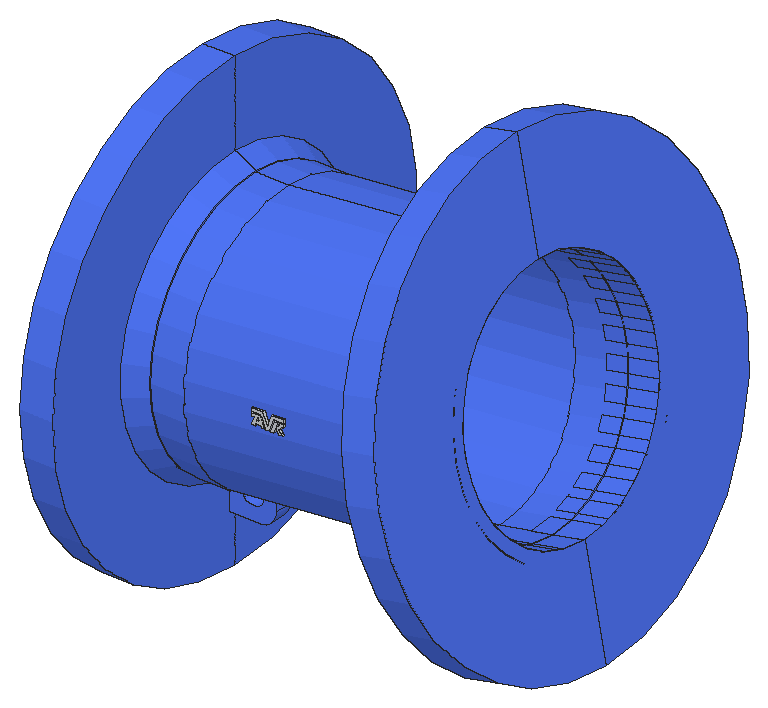
Revit family "712-0120-001-DN150", category Pipe Fittings, Revit 2019
Family settings
  Round Connector Dimension = Use Diameter
  Part Type = Elbow
  Work Plane-Based = No
  Always vertical = Yes
  Cut with Voids When Loaded = No
  Shared = No
Parameters (values of type "DN150_PN10/16")
  Rf_Dia = 105.5 mm
  RF_Thick = 4 mm
  L_Ref = 100 mm
  L = 113 mm  # constant formula
  ID(Radius) = [Nominal Diameter(DN)] / 2  # 75 mm
  Flange_thickness = 20 mm
  Nominal Diameter(DN) = 150 mm
  FOD = 142.5 mm
  URL product pages = "https://www.avkvalves.com/P.aspx?no=712015001201"
  Description_ = "AVK FLANGED BEND 11.25° W/LOOSE FLANGES"
  DN150_PN10/16 = yes
  DN 150_PN10/16 = "712-0150-01-201"
  Body_wallthickness = 15 mm + [Nominal Diameter(DN)]  # 165 mm
  A = 11.25°  # constant formula
Reference planes
  plane 1 "Center (Front/Back)": y = 0
  plane 2: z = 0
  plane 3 "Center (Left/Right)": x = 0
  plane 4: x = 113
  plane 5: through (111.231, -1524, 8.894) normal (0.9808, 0, 0.1951)
  plane 6: through (222.06, -1524, 30.94) normal (0.9808, 0, 0.1951)
  plane 7: through (113, -1524, 0) normal (-0.1951, 0, 0.9808)
  plane 8: z = -100
  plane 9: x = 40
  plane 10: x = 50
  plane 11: z = -110
Forms (mm)
  Sweep 1, solid, material "Plastic"
    path origin (0, 0, 0) x (1, 0, 0) y (0, 0, -1)
      loop
        line (0, 0) -> (53.905, 0)
        arc (53.905, 0) -> (112.715, -2.889) -> (170.959, -11.529) r 600
        line (170.959, -11.529) -> (223.829, -22.045)
    profile origin (26.953, 0, 0) x (0, 0, 1) y (0, -1, 0)
      loop
        circle (0, 0) r 75
      loop
        circle (0, 0) r 82.5
  Revolve 2, solid, material "Plastic"
    sketch origin (0, 0, 0) x (1, 0, 0) y (0, 0, -1)
      loop
        line (0, 75) -> (20, 75) -> (20, 142.5) -> (0, 142.5) -> (0, 75)
      axis (0, 0) -> (20, 0)
    angle from 0 to 360
  Revolve 3, solid, material "Plastic"
    sketch origin (0, 0, 0) x (1, 0, 0) y (0, 0, -1)
      loop
        line (238.461, 51.514) -> (251.629, 117.717) -> (232.013, 121.619) -> (218.845, 55.415) -> (238.461, 51.514)
      axis (204.213, -18.143) -> (223.829, -22.045)
    angle from 0 to 360
  Revolve 4, solid, material "Plastic"
    sketch origin (0, 0, 0) x (1, 0, 0) y (0, 0, -1)
      loop
        line (20, 75) -> (32.99, 75) -> (32.99, 82.5) -> (20, 90) -> (20, 75)
      axis (20, 0) -> (32.99, 0)
    angle from 0 to 360
  Revolve 5, solid, material "Plastic"
    sketch origin (0, 0, 0) x (1, 0, 0) y (0, 0, -1)
      loop
        line (218.845, 55.415) -> (221.771, 70.127) -> (207.282, 66.245) -> (205.65, 58.04) -> (218.845, 55.415)
      axis (191.018, -15.519) -> (204.213, -18.143)
    angle from 0 to 360
  Extrusion 6, solid, material "Plastic"
    sketch origin (0, 0, 0) x (1, 0, 0) y (0, 0, 1)
      loop
        line (20, -75) -> (20, -110) -> (40, -110)
        arc (40, -110) -> (47.071, -107.071) -> (50, -100) r 10
        line (50, -100) -> (50, -75) -> (20, -75)
      loop
        circle (35.409, -95.299) r 6.731
    from -4.682 to 4.682
Dimensions and locks
  "L": plane 4 to plane 3 "Center (Left/Right)"
  "L": plane 5 to plane 6
  "Flange_thickness": Revolve 2 sketch curve to plane 3 "Center (Left/Right)"
  "ID(Radius)": Revolve 3 sketch curve to plane 7
  "FOD": Revolve 3 sketch curve to plane 7
  "Flange_thickness": Sweep 1 to Revolve 3 sketch curve
  locked: Revolve 2 to Revolve 4 sketch curve at 12.99
  locked: Revolve 5 sketch curve to plane 7 at 75
  locked: Revolve 5 sketch curve to plane 7 at 83.366
  locked: Revolve 5 sketch curve to plane 7 at 90
  "ID(Radius)": plane 7 to Revolve 5 sketch curve
  locked: level to Extrusion 6 sketch curve at 75
  locked: level to Extrusion 6 sketch curve at 110
  locked: Extrusion 6 sketch curve to Revolve 2 at 50
  equal spacing: Extrusion 6, plane 1 "Center (Front/Back)", Extrusion 6
  locked: Extrusion 6 to Extrusion 6 at 9.364
  "ID(Radius)": radius of Sweep 1 sketch curve
  "Body_wallthickness": diameter of Sweep 1 sketch curve
  "A": angle plane 4 to plane 5
  aligned and locked: level to plane 2
  aligned and locked: Sweep 1 sketch curve to plane 3 "Center (Left/Right)"
  aligned and locked: plane 6 to Sweep 1 sketch curve
  aligned and locked: Revolve 2 sketch curve to Sweep 1
  aligned and locked: plane 7 to Revolve 3 sketch curve
  aligned and locked: Revolve 4 sketch curve to Revolve 2
  aligned and locked: plane 7 to Revolve 5 sketch curve
  aligned and locked: Revolve 2 to Extrusion 6 sketch curve
  aligned and locked: plane 8 to Extrusion 6 sketch curve
  aligned and locked: plane 10 to Extrusion 6 sketch curve
  aligned and locked: plane 9 to Extrusion 6 sketch curve
Automatic sketch dimensions
  Sweep 1 sketch curve to plane 7 = 0 mm  (x2)
  Sweep 1 sketch curve to plane 3 "Center (Left/Right)" = 53.905 mm
  Sweep 1 sketch curve to Sweep 1 sketch curve = 52.869 mm
  Sweep 1 sketch curve to Sweep 1 sketch curve = 588.471 mm
  Revolve 4 sketch curve to Revolve 4 sketch curve = 7.5 mm  (x2)
  plane 3 "Center (Left/Right)" to Revolve 4 sketch curve = 5 mm
  Revolve 4 sketch curve to plane 3 "Center (Left/Right)" = 32.99 mm
  Revolve 4 sketch curve to Revolve 4 sketch curve = 75 mm
  level to Revolve 4 sketch curve = 75 mm
  Extrusion 6 sketch curve to Extrusion 6 sketch curve = 4.591 mm
  Extrusion 6 sketch curve to Extrusion 6 sketch curve = 4.701 mm
  Sweep 1 sketch curve to Sweep 1 sketch curve = 0 mm  (x2)
  Sweep 1 sketch curve to plane 1 "Center (Front/Back)" = 0 mm
  profile plane to Sweep 1 sketch curve = 0 mm
  Revolve 2 sketch curve to level = 0 mm
  level to Revolve 2 sketch curve = 75 mm
  Revolve 2 sketch curve to Revolve 2 sketch curve = 67.5 mm
  plane 3 "Center (Left/Right)" to Revolve 2 sketch curve = 10 mm
  Revolve 2 sketch curve to plane 3 "Center (Left/Right)" = 20 mm
  Revolve 3 sketch curve to plane 6 = 0 mm
  plane 6 to Revolve 3 sketch curve = 0 mm
  Revolve 3 sketch curve to level = 18.143 mm
  level to Revolve 5 sketch curve = 58.04 mm
  level to Revolve 5 sketch curve = 55.415 mm
  Revolve 5 sketch curve to level = 19.119 mm
  Revolve 5 sketch curve to level = 20.673 mm
  radius of Extrusion 6 sketch curve = 6.731 mm
Nested families
  nested 1: "Latest New 3" at (107.41, -82.474, 0.312) x (1, 0.0022, 0.0001) z (0.0022, -0.9997, -0.025), type "Latest New 3"
Connectors
  piping at (223.829, 0, 22.045), diameter 150, driven by "Nominal Diameter(DN)"
    settings: on Revolve 3, index 1, connector inside diameter 609.6 mm, connector length 0 mm, flow factor 0, pipe flow 0.0 L/s, pressure drop 0.0 Pa, fitting loss kfactor 0, connector angle 0.00°, fixture units 0, engagement length 0 mm, angle of deflection 0.00°, flow configuration 0, flow direction 0, fitting loss method 0, system type 7, joint type 0, gender type 0, connector reference index -1, connector utility 0, adjustable connector no, is connector primary yes, connector description ""
  piping at (0, 0, 0), diameter 150, driven by "Nominal Diameter(DN)"
    settings: on Revolve 2, index 2, connector inside diameter 609.6 mm, connector length 0 mm, flow factor 0, pipe flow 0.0 L/s, pressure drop 0.0 Pa, fitting loss kfactor 0, connector angle 0.00°, fixture units 0, engagement length 0 mm, angle of deflection 0.00°, flow configuration 0, flow direction 0, fitting loss method 0, system type 7, joint type 0, gender type 0, connector reference index -1, connector utility 0, adjustable connector no, is connector primary no, connector description ""
Definition of nested family "Latest New 3"
  Parameters
    Default Elevation = 1219.2 mm
  Reference planes
    plane 1 "Center (Front/Back)": y = 0
    plane 2: z = 0
    plane 3 "Center (Left/Right)": x = 0
  Forms (mm)
    Extrusion 1, solid
      sketch origin (0, 0, 0) x (1, 0, 0) y (0, 1, 0)
        loop
          line (-1219.2, 1219.2) -> (-1219.2, -1219.2) -> (1219.2, -1219.2) -> (1219.2, 1219.2) -> (-1219.2, 1219.2)
      from 0 to -304.8
    Extrusion 2, solid
      sketch origin (0, 0, 0) x (1, 0, 0) y (0, 1, 0)
        loop
          line (-2.683, 9.413) -> (-9.884, 9.413) -> (-9.884, 7.46) -> (-4.022, 7.46) -> (-0.985, 0) -> (0.985, 0) -> (4.022, 7.46) -> (9.884, 7.46) -> (9.884, 9.413) -> (2.683, 9.413) -> (0, 2.824) -> (-2.683, 9.413)
        loop
          line (-4.528, 6.707) -> (-9.884, 6.707) -> (-9.884, 4.824) -> (-8.032, 4.824) -> (-9.884, 0) -> (-7.792, 0) -> (-7.394, 1.035) -> (-4.328, 1.035) -> (-3.907, 0) -> (-1.798, 0) -> (-4.528, 6.707)
        loop
          line (-6.91, 2.824) -> (-5.056, 2.824) -> (-6.01, 5.167) -> (-6.91, 2.824)
        loop
          line (1.798, 0) -> (3.907, 0) -> (4.98, 2.637) -> (6.968, 0) -> (9.413, 0) -> (7.166, 2.983)
          arc (7.166, 2.983) -> (8.216, 3.774) -> (9.007, 4.824) r 4.724
          line (9.007, 4.824) -> (9.884, 4.824) -> (9.884, 6.707) -> (8.001, 6.707)
          arc (8.001, 6.707) -> (7.315, 5.008) -> (5.642, 4.261) r 2.448
          line (5.642, 4.261) -> (6.637, 6.707) -> (4.528, 6.707) -> (1.798, 0)
      from 0 to 1
  Dimensions and locks
    aligned and locked: plane 2 to Extrusion 1
    aligned and locked: level to Extrusion 1
    aligned and locked: Extrusion 2 sketch curve to import instance  (x30)
